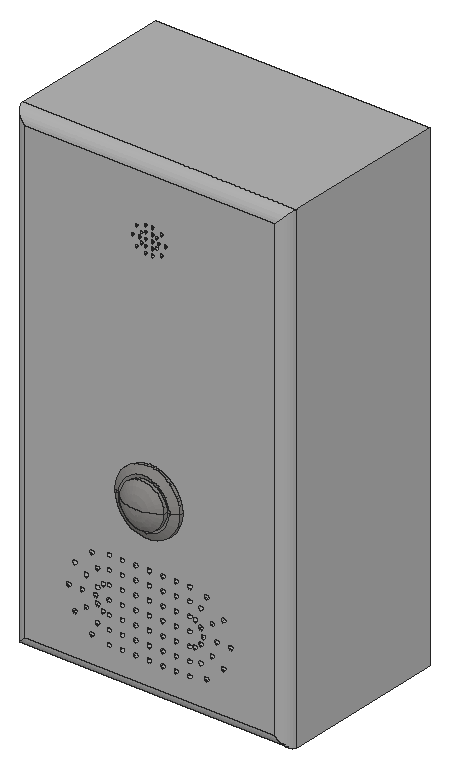
Revit family "STS-747 Аудиодомофонная панель_RV17_LOD400", category Электрооборудование, Revit 2017
Family settings
  Конфигурация панели = Два столбца, слева направо
  Размер круглого соединителя = Использовать диаметр
  Тип детали = Щит
  На основе рабочей плоскости = Нет
  Всегда вертикально = Да
  При загрузке вырезать с полостями = Нет
  Общий = Нет
  Точка расчета площади = Нет
Parameters (values of type "STS-747")
  Смещение_УГО_Y [instance] = 0 mm
  Смещение_УГО_X [instance] = 0 mm
  Режим работы = "непрерывный"
  Раздел Специикации [instance] = ""
  РАздел Проекта [instance] = ""
  Напряжение = "12"
  Мощность = "3"
  Максимальный потребляемый ток, А = 0.4 A
  Интерфейс связи = "10BaseT/100BaseT X Ethernet"
  Диапазон рабочих температур, ºС = "от -40 до +50"
  Видимость_УГО [instance] = yes
  В_Смещение_УГО_Y [instance] = Смещение_УГО_Y + 2000 mm  # 2000 mm
  В_Смещение_УГО_X [instance] = Смещение_УГО_X + 2000 mm  # 2000 mm
  d_короба [instance] = 20 mm
  ADSK_Размер_Ширина = 92 mm
  ADSK_Размер_Глубина = 60 mm
  ADSK_Размер_Высота = 162 mm
  ADSK_Примечание = ""
  ADSK_Наименование = "STS-747 Аудиодомофонная панель"
  ADSK_Масса = 1.4
  ADSK_Марка = "СТВФ.431295.016"
  ADSK_Количество = 1
  ADSK_Завод-изготовитель = "ООО «Основа Безопасности»"  # constant formula
  ADSK_Единица измерения = "шт."  # constant formula
  ADSK_URL страницы изделия = "https://stilsoft.ru/products/sts-747"
  ADSK_URL документации изделия = ""
Reference planes
  plane 1 "По центру (Вперед/Назад)": y = 0
  plane 2: z = 0
  plane 3 "По центру (Влево/Вправо)": x = 0
  plane 4 "1": y = -60
  plane 5: x = 46
  plane 6 "3": x = -46
  plane 7 "2": z = 162
  plane 8: y = 2000
  plane 9: x = -2000
  plane 10: x = 0
  plane 11: y = 0
Forms (mm)
  Extrusion 1, solid, material "корпус", detail levels medium+fine
    sketch origin (0, 0, 0) x (1, 0, 0) y (0, 0, 1)
      loop
        line (-46, 162) -> (-46, 0) -> (46, 0) -> (46, 162) -> (-46, 162)
    from 0 to 60
  Sweep 2, void, detail levels medium+fine
    path origin (0, 0, 162) x (-1, 0, 0) y (0, -1, 0)
      loop
        line (46, 60) -> (-46, 60)
    profile origin (0, -60, 162) x (0, 1, 0) y (0, 0, 1)
      loop
        line (0, 1) -> (-1, 1) -> (-1, -4) -> (0, -4)
        arc (0, -4) -> (1.684, -0.98) -> (5, 0) r 4.577
        line (5, 0) -> (5, 1) -> (0, 1)
  Sweep 3, void, detail levels medium+fine
    path origin (0, 0, 0) x (0, 1, 0) y (-1, 0, 0)
      loop
        line (-60, 46) -> (-60, -46)
    profile origin (0, -60, 0) x (0, 1, 0) y (0, 0, 1)
      loop
        line (0, -1) -> (5, -1) -> (5, 0)
        arc (5, 0) -> (1.684, 0.98) -> (0, 4) r 4.577
        line (0, 4) -> (-1, 4) -> (-1, -1) -> (0, -1)
  Sweep 4, void, detail levels medium+fine
    path origin (0, -60, 0) x (1, 0, 0) y (0, 0, 1)
      loop
        line (-46, 162) -> (-46, 0)
    profile origin (-46, -60, 81) x (0, -1, 0) y (1, 0, 0)
      loop
        line (0, -1) -> (1, -1) -> (1, 4) -> (0, 4)
        arc (0, 4) -> (-1.685, 0.981) -> (-5, 0) r 4.581
        line (-5, 0) -> (-5, -1) -> (0, -1)
  Sweep 5, void, detail levels medium+fine
    path origin (0, -60, 0) x (-1, 0, 0) y (0, 0, 1)
      loop
        line (-46, 162) -> (-46, 0)
    profile origin (46, -60, 81) x (0, -1, 0) y (1, 0, 0)
      loop
        line (0, 1) -> (-5, 1) -> (-5, 0)
        arc (-5, 0) -> (-1.685, -0.981) -> (0, -4) r 4.581
        line (0, -4) -> (1, -4) -> (1, 1) -> (0, 1)
  Revolve 6, solid, material "кнопка", detail levels medium+fine
    sketch origin (0, 0, 60) x (1, 0, 0) y (0, 1, 0)
      loop
        line (0, -60) -> (-11, -60) -> (-11, -61) -> (-8.5, -62.444) -> (-7.5, -62.249) -> (-7.5, -63.381)
        arc (-7.5, -63.381) -> (-4.009, -65.424) -> (0, -65.967) r 10.309
        line (0, -65.967) -> (0, -60)
      axis (0, -60) -> (0, -65.967)
    angle from 0 to 360
  Extrusion 7, void, detail levels fine
    sketch origin (0, -60, 162) x (1, 0, 0) y (0, 0, 1)
      loop
        circle (0, -150.134) r 0.786
    from 0 to -5
  Extrusion 8, void, detail levels fine
    sketch origin (0, -60, 166.512) x (1, 0, 0) y (0, 0, 1)
      loop
        circle (0, -150.134) r 0.786
    from 0 to -5
  Extrusion 9, void, detail levels fine
    sketch origin (0, -60, 171.024) x (1, 0, 0) y (0, 0, 1)
      loop
        circle (0, -150.134) r 0.786
    from 0 to -5
  Extrusion 10, void, detail levels fine
    sketch origin (0, -60, 175.536) x (1, 0, 0) y (0, 0, 1)
      loop
        circle (0, -150.134) r 0.786
    from 0 to -5
  Extrusion 11, void, detail levels fine
    sketch origin (0, -60, 180.048) x (1, 0, 0) y (0, 0, 1)
      loop
        circle (0, -150.134) r 0.786
    from 0 to -5
  Extrusion 12, void, detail levels fine
    sketch origin (0, -60, 184.56) x (1, 0, 0) y (0, 0, 1)
      loop
        circle (0, -150.134) r 0.786
    from 0 to -5
  Extrusion 13, void, detail levels fine
    sketch origin (0, -60, 189.073) x (1, 0, 0) y (0, 0, 1)
      loop
        circle (0, -150.134) r 0.786
    from 0 to -5
  Extrusion 14, void, detail levels fine
    sketch origin (4.541, -60, 175.536) x (1, 0, 0) y (0, 0, 1)
      loop
        circle (0, -150.134) r 0.786
    from 0 to -5
  Extrusion 15, void, detail levels fine
    sketch origin (9.082, -60, 175.536) x (1, 0, 0) y (0, 0, 1)
      loop
        circle (0, -150.134) r 0.786
    from 0 to -5
  Extrusion 16, void, detail levels fine
    sketch origin (13.623, -60, 175.536) x (1, 0, 0) y (0, 0, 1)
      loop
        circle (0, -150.134) r 0.786
    from 0 to -5
  Extrusion 17, void, detail levels fine
    sketch origin (18.164, -60, 175.536) x (1, 0, 0) y (0, 0, 1)
      loop
        circle (0, -150.134) r 0.786
    from 0 to -5
  Extrusion 18, void, detail levels fine
    sketch origin (22.705, -60, 175.536) x (1, 0, 0) y (0, 0, 1)
      loop
        circle (0, -150.134) r 0.786
    from 0 to -5
  Extrusion 19, void, detail levels fine
    sketch origin (27.31, -60, 175.536) x (1, 0, 0) y (0, 0, 1)
      loop
        circle (0, -150.134) r 0.786
    from 0 to -5
  Extrusion 20, void, detail levels fine
    sketch origin (-4.513, -60, 175.536) x (1, 0, 0) y (0, 0, 1)
      loop
        circle (0, -150.134) r 0.786
    from 0 to -5
  Extrusion 21, void, detail levels fine
    sketch origin (-9.025, -60, 175.536) x (1, 0, 0) y (0, 0, 1)
      loop
        circle (0, -150.134) r 0.786
    from 0 to -5
  Extrusion 22, void, detail levels fine
    sketch origin (-13.538, -60, 175.536) x (1, 0, 0) y (0, 0, 1)
      loop
        circle (0, -150.134) r 0.786
    from 0 to -5
  Extrusion 23, void, detail levels fine
    sketch origin (-18.05, -60, 175.536) x (1, 0, 0) y (0, 0, 1)
      loop
        circle (0, -150.134) r 0.786
    from 0 to -5
  Extrusion 24, void, detail levels fine
    sketch origin (-22.563, -60, 175.536) x (1, 0, 0) y (0, 0, 1)
      loop
        circle (0, -150.134) r 0.786
    from 0 to -5
  Extrusion 25, void, detail levels fine
    sketch origin (-27.075, -60, 175.536) x (1, 0, 0) y (0, 0, 1)
      loop
        circle (0, -150.134) r 0.786
    from 0 to -5
  Extrusion 26, void, detail levels fine
    sketch origin (-4.522, -60, 162) x (1, 0, 0) y (0, 0, 1)
      loop
        circle (0, -150.134) r 0.786
    from 0 to -5
  Extrusion 27, void, detail levels fine
    sketch origin (-4.522, -60, 166.512) x (1, 0, 0) y (0, 0, 1)
      loop
        circle (0, -150.134) r 0.786
    from 0 to -5
  Extrusion 28, void, detail levels fine
    sketch origin (-4.522, -60, 171.024) x (1, 0, 0) y (0, 0, 1)
      loop
        circle (0, -150.134) r 0.786
    from 0 to -5
  Extrusion 29, void, detail levels fine
    sketch origin (-4.522, -60, 180.048) x (1, 0, 0) y (0, 0, 1)
      loop
        circle (0, -150.134) r 0.786
    from 0 to -5
  Extrusion 30, void, detail levels fine
    sketch origin (-4.522, -60, 184.56) x (1, 0, 0) y (0, 0, 1)
      loop
        circle (0, -150.134) r 0.786
    from 0 to -5
  Extrusion 31, void, detail levels fine
    sketch origin (-4.522, -60, 189.073) x (1, 0, 0) y (0, 0, 1)
      loop
        circle (0, -150.134) r 0.786
    from 0 to -5
  Extrusion 32, void, detail levels fine
    sketch origin (-9.035, -60, 162) x (1, 0, 0) y (0, 0, 1)
      loop
        circle (0, -150.134) r 0.786
    from 0 to -5
  Extrusion 33, void, detail levels fine
    sketch origin (-9.035, -60, 166.512) x (1, 0, 0) y (0, 0, 1)
      loop
        circle (0, -150.134) r 0.786
    from 0 to -5
  Extrusion 34, void, detail levels fine
    sketch origin (-9.035, -60, 171.024) x (1, 0, 0) y (0, 0, 1)
      loop
        circle (0, -150.134) r 0.786
    from 0 to -5
  Extrusion 35, void, detail levels fine
    sketch origin (-9.035, -60, 180.048) x (1, 0, 0) y (0, 0, 1)
      loop
        circle (0, -150.134) r 0.786
    from 0 to -5
  Extrusion 36, void, detail levels fine
    sketch origin (-9.035, -60, 184.56) x (1, 0, 0) y (0, 0, 1)
      loop
        circle (0, -150.134) r 0.786
    from 0 to -5
  Extrusion 37, void, detail levels fine
    sketch origin (-9.035, -60, 189.073) x (1, 0, 0) y (0, 0, 1)
      loop
        circle (0, -150.134) r 0.786
    from 0 to -5
  Extrusion 38, void, detail levels fine
    sketch origin (-13.504, -60, 162) x (1, 0, 0) y (0, 0, 1)
      loop
        circle (0, -150.134) r 0.786
    from 0 to -5
  Extrusion 39, void, detail levels fine
    sketch origin (-13.504, -60, 166.512) x (1, 0, 0) y (0, 0, 1)
      loop
        circle (0, -150.134) r 0.786
    from 0 to -5
  Extrusion 40, void, detail levels fine
    sketch origin (-13.504, -60, 171.024) x (1, 0, 0) y (0, 0, 1)
      loop
        circle (0, -150.134) r 0.786
    from 0 to -5
  Extrusion 41, void, detail levels fine
    sketch origin (-13.504, -60, 180.048) x (1, 0, 0) y (0, 0, 1)
      loop
        circle (0, -150.134) r 0.786
    from 0 to -5
  Extrusion 42, void, detail levels fine
    sketch origin (-13.504, -60, 184.56) x (1, 0, 0) y (0, 0, 1)
      loop
        circle (0, -150.134) r 0.786
    from 0 to -5
  Extrusion 43, void, detail levels fine
    sketch origin (-13.504, -60, 189.073) x (1, 0, 0) y (0, 0, 1)
      loop
        circle (0, -150.134) r 0.786
    from 0 to -5
  Extrusion 44, void, detail levels fine
    sketch origin (4.576, -60, 162) x (1, 0, 0) y (0, 0, 1)
      loop
        circle (0, -150.134) r 0.786
    from 0 to -5
  Extrusion 45, void, detail levels fine
    sketch origin (4.576, -60, 166.512) x (1, 0, 0) y (0, 0, 1)
      loop
        circle (0, -150.134) r 0.786
    from 0 to -5
  Extrusion 46, void, detail levels fine
    sketch origin (4.576, -60, 171.024) x (1, 0, 0) y (0, 0, 1)
      loop
        circle (0, -150.134) r 0.786
    from 0 to -5
  Extrusion 47, void, detail levels fine
    sketch origin (4.576, -60, 180.048) x (1, 0, 0) y (0, 0, 1)
      loop
        circle (0, -150.134) r 0.786
    from 0 to -5
  Extrusion 48, void, detail levels fine
    sketch origin (4.576, -60, 184.56) x (1, 0, 0) y (0, 0, 1)
      loop
        circle (0, -150.134) r 0.786
    from 0 to -5
  Extrusion 49, void, detail levels fine
    sketch origin (4.576, -60, 189.073) x (1, 0, 0) y (0, 0, 1)
      loop
        circle (0, -150.134) r 0.786
    from 0 to -5
  Extrusion 50, void, detail levels fine
    sketch origin (9.088, -60, 162) x (1, 0, 0) y (0, 0, 1)
      loop
        circle (0, -150.134) r 0.786
    from 0 to -5
  Extrusion 51, void, detail levels fine
    sketch origin (9.088, -60, 166.512) x (1, 0, 0) y (0, 0, 1)
      loop
        circle (0, -150.134) r 0.786
    from 0 to -5
  Extrusion 52, void, detail levels fine
    sketch origin (9.088, -60, 171.024) x (1, 0, 0) y (0, 0, 1)
      loop
        circle (0, -150.134) r 0.786
    from 0 to -5
  Extrusion 53, void, detail levels fine
    sketch origin (9.088, -60, 180.048) x (1, 0, 0) y (0, 0, 1)
      loop
        circle (0, -150.134) r 0.786
    from 0 to -5
  Extrusion 54, void, detail levels fine
    sketch origin (9.088, -60, 184.56) x (1, 0, 0) y (0, 0, 1)
      loop
        circle (0, -150.134) r 0.786
    from 0 to -5
  Extrusion 55, void, detail levels fine
    sketch origin (9.088, -60, 189.073) x (1, 0, 0) y (0, 0, 1)
      loop
        circle (0, -150.134) r 0.786
    from 0 to -5
  Extrusion 56, void, detail levels fine
    sketch origin (13.62, -60, 162) x (1, 0, 0) y (0, 0, 1)
      loop
        circle (0, -150.134) r 0.786
    from 0 to -5
  Extrusion 57, void, detail levels fine
    sketch origin (13.62, -60, 166.512) x (1, 0, 0) y (0, 0, 1)
      loop
        circle (0, -150.134) r 0.786
    from 0 to -5
  Extrusion 58, void, detail levels fine
    sketch origin (13.62, -60, 171.024) x (1, 0, 0) y (0, 0, 1)
      loop
        circle (0, -150.134) r 0.786
    from 0 to -5
  Extrusion 59, void, detail levels fine
    sketch origin (13.62, -60, 180.048) x (1, 0, 0) y (0, 0, 1)
      loop
        circle (0, -150.134) r 0.786
    from 0 to -5
  Extrusion 60, void, detail levels fine
    sketch origin (13.62, -60, 184.56) x (1, 0, 0) y (0, 0, 1)
      loop
        circle (0, -150.134) r 0.786
    from 0 to -5
  Extrusion 61, void, detail levels fine
    sketch origin (13.62, -60, 189.073) x (1, 0, 0) y (0, 0, 1)
      loop
        circle (0, -150.134) r 0.786
    from 0 to -5
  Extrusion 62, void, detail levels fine
    sketch origin (120.602, -60, 93.01) x (0.422618, 0, -0.906308) y (0.906308, 0, 0.422618)
      loop
        circle (0, -150.134) r 0.786
    from 0 to -5
  Extrusion 63, void, detail levels fine
    sketch origin (118.695, -60, 97.1) x (0.422618, 0, -0.906308) y (0.906308, 0, 0.422618)
      loop
        circle (0, -150.134) r 0.786
    from 0 to -5
  Extrusion 64, void, detail levels fine
    sketch origin (116.788, -60, 101.19) x (0.422618, 0, -0.906308) y (0.906308, 0, 0.422618)
      loop
        circle (0, -150.134) r 0.786
    from 0 to -5
  Extrusion 65, void, detail levels fine
    sketch origin (63.303, -60, 154.48) x (0.843391, 0, -0.5373) y (0.5373, 0, 0.843391)
      loop
        circle (0, -150.134) r 0.786
    from 0 to -5
  Extrusion 66, void, detail levels fine
    sketch origin (59.497, -60, 156.905) x (0.843391, 0, -0.5373) y (0.5373, 0, 0.843391)
      loop
        circle (0, -150.134) r 0.786
    from 0 to -5
  Extrusion 67, void, detail levels fine
    sketch origin (55.691, -60, 159.329) x (0.843391, 0, -0.5373) y (0.5373, 0, 0.843391)
      loop
        circle (0, -150.134) r 0.786
    from 0 to -5
  Extrusion 68, void, detail levels fine
    sketch origin (120.602, -60, -42.206) x (0.422618, 0, 0.906308) y (-0.906308, 0, 0.422618)
      loop
        circle (0, 150.134) r 0.786
    from 0 to -5
  Extrusion 69, void, detail levels fine
    sketch origin (118.695, -60, -46.296) x (0.422618, 0, 0.906308) y (-0.906308, 0, 0.422618)
      loop
        circle (0, 150.134) r 0.786
    from 0 to -5
  Extrusion 70, void, detail levels fine
    sketch origin (116.788, -60, -50.386) x (0.422618, 0, 0.906308) y (-0.906308, 0, 0.422618)
      loop
        circle (0, 150.134) r 0.786
    from 0 to -5
  Extrusion 71, void, detail levels fine
    sketch origin (63.303, -60, -103.676) x (0.843391, 0, 0.5373) y (-0.5373, 0, 0.843391)
      loop
        circle (0, 150.134) r 0.786
    from 0 to -5
  Extrusion 72, void, detail levels fine
    sketch origin (59.497, -60, -106.1) x (0.843391, 0, 0.5373) y (-0.5373, 0, 0.843391)
      loop
        circle (0, 150.134) r 0.786
    from 0 to -5
  Extrusion 73, void, detail levels fine
    sketch origin (55.691, -60, -108.525) x (0.843391, 0, 0.5373) y (-0.5373, 0, 0.843391)
      loop
        circle (0, 150.134) r 0.786
    from 0 to -5
  Extrusion 74, void, detail levels fine
    sketch origin (-120.602, -60, 93.01) x (-0.422618, 0, -0.906308) y (0.906308, 0, -0.422618)
      loop
        circle (0, 150.134) r 0.786
    from 0 to -5
  Extrusion 75, void, detail levels fine
    sketch origin (-118.695, -60, 97.1) x (-0.422618, 0, -0.906308) y (0.906308, 0, -0.422618)
      loop
        circle (0, 150.134) r 0.786
    from 0 to -5
  Extrusion 76, void, detail levels fine
    sketch origin (-116.788, -60, 101.19) x (-0.422618, 0, -0.906308) y (0.906308, 0, -0.422618)
      loop
        circle (0, 150.134) r 0.786
    from 0 to -5
  Extrusion 77, void, detail levels fine
    sketch origin (-63.303, -60, 154.48) x (-0.843391, 0, -0.5373) y (0.5373, 0, -0.843391)
      loop
        circle (0, 150.134) r 0.786
    from 0 to -5
  Extrusion 78, void, detail levels fine
    sketch origin (-59.497, -60, 156.905) x (-0.843391, 0, -0.5373) y (0.5373, 0, -0.843391)
      loop
        circle (0, 150.134) r 0.786
    from 0 to -5
  Extrusion 79, void, detail levels fine
    sketch origin (-55.691, -60, 159.329) x (-0.843391, 0, -0.5373) y (0.5373, 0, -0.843391)
      loop
        circle (0, 150.134) r 0.786
    from 0 to -5
  Extrusion 80, void, detail levels fine
    sketch origin (-120.602, -60, -42.206) x (-0.422618, 0, 0.906308) y (-0.906308, 0, -0.422618)
      loop
        circle (0, -150.134) r 0.786
    from 0 to -5
  Extrusion 81, void, detail levels fine
    sketch origin (-118.695, -60, -46.296) x (-0.422618, 0, 0.906308) y (-0.906308, 0, -0.422618)
      loop
        circle (0, -150.134) r 0.786
    from 0 to -5
  Extrusion 82, void, detail levels fine
    sketch origin (-116.788, -60, -50.386) x (-0.422618, 0, 0.906308) y (-0.906308, 0, -0.422618)
      loop
        circle (0, -150.134) r 0.786
    from 0 to -5
  Extrusion 83, void, detail levels fine
    sketch origin (-63.303, -60, -103.676) x (-0.843391, 0, 0.5373) y (-0.5373, 0, -0.843391)
      loop
        circle (0, -150.134) r 0.786
    from 0 to -5
  Extrusion 84, void, detail levels fine
    sketch origin (-59.497, -60, -106.1) x (-0.843391, 0, 0.5373) y (-0.5373, 0, -0.843391)
      loop
        circle (0, -150.134) r 0.786
    from 0 to -5
  Extrusion 85, void, detail levels fine
    sketch origin (-55.691, -60, -108.525) x (-0.843391, 0, 0.5373) y (-0.5373, 0, -0.843391)
      loop
        circle (0, -150.134) r 0.786
    from 0 to -5
  Extrusion 86, void, detail levels fine
    sketch origin (1.091, -60, 288.419) x (1, 0, 0) y (0, 0, 1)
      loop
        circle (0, -150.134) r 0.545
    from 0 to -5
  Extrusion 87, void, detail levels fine
    sketch origin (-1.091, -60, 288.419) x (1, 0, 0) y (0, 0, 1)
      loop
        circle (0, -150.134) r 0.545
    from 0 to -5
  Extrusion 88, void, detail levels fine
    sketch origin (1.091, -60, 286.285) x (1, 0, 0) y (0, 0, 1)
      loop
        circle (0, -150.134) r 0.545
    from 0 to -5
  Extrusion 89, void, detail levels fine
    sketch origin (-1.091, -60, 286.285) x (1, 0, 0) y (0, 0, 1)
      loop
        circle (0, -150.134) r 0.545
    from 0 to -5
  Extrusion 90, void, detail levels fine
    sketch origin (1.091, -60, 284.151) x (1, 0, 0) y (0, 0, 1)
      loop
        circle (0, -150.134) r 0.545
    from 0 to -5
  Extrusion 91, void, detail levels fine
    sketch origin (-1.091, -60, 284.151) x (1, 0, 0) y (0, 0, 1)
      loop
        circle (0, -150.134) r 0.545
    from 0 to -5
  Extrusion 92, void, detail levels fine
    sketch origin (1.091, -60, 292.687) x (1, 0, 0) y (0, 0, 1)
      loop
        circle (0, -150.134) r 0.545
    from 0 to -5
  Extrusion 93, void, detail levels fine
    sketch origin (-1.091, -60, 292.687) x (1, 0, 0) y (0, 0, 1)
      loop
        circle (0, -150.134) r 0.545
    from 0 to -5
  Extrusion 94, void, detail levels fine
    sketch origin (1.091, -60, 290.553) x (1, 0, 0) y (0, 0, 1)
      loop
        circle (0, -150.134) r 0.545
    from 0 to -5
  Extrusion 95, void, detail levels fine
    sketch origin (-1.091, -60, 290.553) x (1, 0, 0) y (0, 0, 1)
      loop
        circle (0, -150.134) r 0.545
    from 0 to -5
  Extrusion 96, void, detail levels fine
    sketch origin (-3.272, -60, 288.419) x (1, 0, 0) y (0, 0, 1)
      loop
        circle (0, -150.134) r 0.545
    from 0 to -5
  Extrusion 97, void, detail levels fine
    sketch origin (-5.453, -60, 288.419) x (1, 0, 0) y (0, 0, 1)
      loop
        circle (0, -150.134) r 0.545
    from 0 to -5
  Extrusion 98, void, detail levels fine
    sketch origin (5.453, -60, 288.419) x (1, 0, 0) y (0, 0, 1)
      loop
        circle (0, -150.134) r 0.545
    from 0 to -5
  Extrusion 99, void, detail levels fine
    sketch origin (3.272, -60, 288.419) x (1, 0, 0) y (0, 0, 1)
      loop
        circle (0, -150.134) r 0.545
    from 0 to -5
  Extrusion 100, void, detail levels fine
    sketch origin (103.551, -60, 245.998) x (0.707107, 0, -0.707107) y (0.707107, 0, 0.707107)
      loop
        circle (0, -150.134) r 0.545
    from 0 to -5
  Extrusion 101, void, detail levels fine
    sketch origin (102.008, -60, 247.54) x (0.707107, 0, -0.707107) y (0.707107, 0, 0.707107)
      loop
        circle (0, -150.134) r 0.545
    from 0 to -5
  Extrusion 102, void, detail levels fine
    sketch origin (103.551, -60, 30.526) x (0.707107, 0, 0.707107) y (-0.707107, 0, 0.707107)
      loop
        circle (0, 150.134) r 0.545
    from 0 to -5
  Extrusion 103, void, detail levels fine
    sketch origin (102.008, -60, 28.983) x (0.707107, 0, 0.707107) y (-0.707107, 0, 0.707107)
      loop
        circle (0, 150.134) r 0.545
    from 0 to -5
  Extrusion 104, void, detail levels fine
    sketch origin (-103.551, -60, 245.998) x (-0.707107, 0, -0.707107) y (0.707107, 0, -0.707107)
      loop
        circle (0, 150.134) r 0.545
    from 0 to -5
  Extrusion 105, void, detail levels fine
    sketch origin (-102.008, -60, 247.54) x (-0.707107, 0, -0.707107) y (0.707107, 0, -0.707107)
      loop
        circle (0, 150.134) r 0.545
    from 0 to -5
  Extrusion 106, void, detail levels fine
    sketch origin (-103.551, -60, 30.526) x (-0.707107, 0, 0.707107) y (-0.707107, 0, -0.707107)
      loop
        circle (0, -150.134) r 0.545
    from 0 to -5
  Extrusion 107, void, detail levels fine
    sketch origin (-102.008, -60, 28.983) x (-0.707107, 0, 0.707107) y (-0.707107, 0, -0.707107)
      loop
        circle (0, -150.134) r 0.545
    from 0 to -5
Cuts and joins
  Sweep 2, Sweep 3, Sweep 4, Sweep 5, Extrusion 7, Extrusion 8, Extrusion 9, Extrusion 10, Extrusion 11, Extrusion 12, Extrusion 13, Extrusion 14, Extrusion 15, Extrusion 16, Extrusion 17, Extrusion 18, Extrusion 19, Extrusion 20, Extrusion 21, Extrusion 22, Extrusion 23, Extrusion 24, Extrusion 25, Extrusion 26, Extrusion 27, Extrusion 28, Extrusion 29, Extrusion 30, Extrusion 31, Extrusion 32, Extrusion 33, Extrusion 34, Extrusion 35, Extrusion 36, Extrusion 37, Extrusion 38, Extrusion 39, Extrusion 40, Extrusion 41, Extrusion 42, Extrusion 43, Extrusion 44, Extrusion 45, Extrusion 46, Extrusion 47, Extrusion 48, Extrusion 49, Extrusion 50, Extrusion 51, Extrusion 52, Extrusion 53, Extrusion 54, Extrusion 55, Extrusion 56, Extrusion 57, Extrusion 58, Extrusion 59, Extrusion 60, Extrusion 61, Extrusion 62, Extrusion 63, Extrusion 64, Extrusion 65, Extrusion 66, Extrusion 67, Extrusion 68, Extrusion 69, Extrusion 70, Extrusion 71, Extrusion 72, Extrusion 73, Extrusion 74, Extrusion 75, Extrusion 76, Extrusion 77, Extrusion 78, Extrusion 79, Extrusion 80, Extrusion 81, Extrusion 82, Extrusion 83, Extrusion 84, Extrusion 85, Extrusion 86, Extrusion 87, Extrusion 88, Extrusion 89, Extrusion 90, Extrusion 91, Extrusion 92, Extrusion 93, Extrusion 94, Extrusion 95, Extrusion 96, Extrusion 97, Extrusion 98, Extrusion 99, Extrusion 100, Extrusion 101, Extrusion 102, Extrusion 103, Extrusion 104, Extrusion 105, Extrusion 106, Extrusion 107 cuts Extrusion 1
Dimensions and locks
  "ADSK_Размер_Ширина": plane 6 "3" to plane 5
  "ADSK_Размер_Глубина": plane 4 "1" to plane 1 "По центру (Вперед/Назад)"
  "ADSK_Размер_Высота": plane 7 "2" to level
  locked: plane 8 to plane 1 "По центру (Вперед/Назад)" at 2000
  locked: plane 9 to plane 3 "По центру (Влево/Вправо)" at 2000
  "В_Смещение_УГО_X": plane 9 to plane 10
  "В_Смещение_УГО_Y": plane 8 to plane 11
  aligned and locked: level to plane 2
  aligned and locked: nested 1 to plane 11
  aligned and locked: plane 10 to nested 1
Automatic sketch dimensions
  Extrusion 1 sketch curve to level = 0 mm
  plane 6 "3" to Extrusion 1 sketch curve = 0 mm
  Extrusion 1 sketch curve to plane 5 = 0 mm
  Extrusion 1 sketch curve to plane 7 "2" = 0 mm
  plane 4 "1" to Sweep 2 sketch curve = 0 mm
  Sweep 2 sketch curve to plane 5 = 0 mm
  Sweep 2 sketch curve to plane 6 "3" = 0 mm
  Sweep 2 sketch curve to profile plane = 0 mm  (x2)
  Sweep 2 sketch curve to plane 7 "2" = 0 mm
  profile plane to Sweep 2 sketch curve = 1 mm
  Sweep 2 sketch curve to profile plane = 4.544 mm
  plane 7 "2" to Sweep 2 sketch curve = 1 mm
  Sweep 2 sketch curve to profile plane = 5 mm
  Sweep 2 sketch curve to plane 7 "2" = 4 mm
  plane 4 "1" to Sweep 3 sketch curve = 0 mm
  Sweep 3 sketch curve to plane 5 = 0 mm
  Sweep 3 sketch curve to plane 6 "3" = 0 mm
  Sweep 3 sketch curve to profile plane = 0 mm  (x3)
  profile plane to Sweep 3 sketch curve = 1 mm
  Sweep 3 sketch curve to profile plane = 4.544 mm
  Sweep 3 sketch curve to profile plane = 1 mm
  Sweep 3 sketch curve to profile plane = 5 mm
  profile plane to Sweep 3 sketch curve = 4 mm
  Sweep 4 sketch curve to level = 0 mm
  plane 6 "3" to Sweep 4 sketch curve = 0 mm
  Sweep 4 sketch curve to plane 7 "2" = 0 mm
  Sweep 4 sketch curve to profile plane = 0 mm
  plane 4 "1" to Sweep 4 sketch curve = 0 mm  (x2)
  Sweep 4 sketch curve to plane 4 "1" = 4.546 mm
  Sweep 4 sketch curve to Sweep 4 sketch curve = 0.454 mm
  plane 4 "1" to Sweep 4 sketch curve = 1 mm
  profile plane to Sweep 4 sketch curve = 1 mm
  Sweep 4 sketch curve to profile plane = 4 mm
  Sweep 5 sketch curve to level = 0 mm
  Sweep 5 sketch curve to plane 5 = 0 mm
  Sweep 5 sketch curve to plane 7 "2" = 0 mm
  Sweep 5 sketch curve to profile plane = 0 mm
  plane 4 "1" to Sweep 5 sketch curve = 0 mm  (x2)
  Sweep 5 sketch curve to plane 4 "1" = 4.546 mm
  Sweep 5 sketch curve to Sweep 5 sketch curve = 0.454 mm
  Sweep 5 sketch curve to Sweep 5 sketch curve = 1 mm
  profile plane to Sweep 5 sketch curve = 4 mm
  Sweep 5 sketch curve to profile plane = 1 mm
  plane 4 "1" to Revolve 6 sketch curve = 0 mm  (x2)
  Revolve 6 sketch curve to plane 3 "По центру (Влево/Вправо)" = 0 mm  (x2)
  Revolve 6 sketch curve to plane 3 "По центру (Влево/Вправо)" = 0.648 mm
  plane 4 "1" to Revolve 6 sketch curve = 2.249 mm
  Revolve 6 sketch curve to plane 3 "По центру (Влево/Вправо)" = 7.5 mm
  plane 4 "1" to Revolve 6 sketch curve = 2.444 mm
  Revolve 6 sketch curve to Revolve 6 sketch curve = 1 mm
  Revolve 6 sketch curve to Revolve 6 sketch curve = 2.5 mm
  Revolve 6 sketch curve to Revolve 6 sketch curve = 1.131 mm
  Revolve 6 sketch curve to Revolve 6 sketch curve = 5.967 mm
  plane 4 "1" to Revolve 6 sketch curve = 1 mm
  Revolve 6 sketch curve to Revolve 6 sketch curve = 4.033 mm
  Extrusion 7 sketch curve to plane 3 "По центру (Влево/Вправо)" = 0 mm
  Extrusion 7 sketch curve to level = 11.866 mm
  Extrusion 8 sketch curve to plane 3 "По центру (Влево/Вправо)" = 0 mm
  Extrusion 8 sketch curve to level = 16.378 mm
  Extrusion 9 sketch curve to plane 3 "По центру (Влево/Вправо)" = 0 mm
  Extrusion 9 sketch curve to level = 20.89 mm
  Extrusion 10 sketch curve to plane 3 "По центру (Влево/Вправо)" = 0 mm
  Extrusion 10 sketch curve to level = 25.402 mm
  Extrusion 11 sketch curve to plane 3 "По центру (Влево/Вправо)" = 0 mm
  Extrusion 11 sketch curve to level = 29.914 mm
  Extrusion 12 sketch curve to plane 3 "По центру (Влево/Вправо)" = 0 mm
  Extrusion 12 sketch curve to level = 34.426 mm
  Extrusion 13 sketch curve to plane 3 "По центру (Влево/Вправо)" = 0 mm
  Extrusion 13 sketch curve to level = 38.938 mm
  Extrusion 14 sketch curve to plane 3 "По центру (Влево/Вправо)" = 4.541 mm
  Extrusion 14 sketch curve to level = 25.402 mm
  Extrusion 15 sketch curve to plane 3 "По центру (Влево/Вправо)" = 9.082 mm
  Extrusion 15 sketch curve to level = 25.402 mm
  Extrusion 16 sketch curve to plane 3 "По центру (Влево/Вправо)" = 13.623 mm
  Extrusion 16 sketch curve to level = 25.402 mm
  Extrusion 17 sketch curve to plane 3 "По центру (Влево/Вправо)" = 18.164 mm
  Extrusion 17 sketch curve to level = 25.402 mm
  Extrusion 18 sketch curve to plane 3 "По центру (Влево/Вправо)" = 22.705 mm
  Extrusion 18 sketch curve to level = 25.402 mm
  plane 5 to Extrusion 19 sketch curve = 18.69 mm
  Extrusion 19 sketch curve to level = 25.402 mm
  plane 3 "По центру (Влево/Вправо)" to Extrusion 20 sketch curve = 4.513 mm
  Extrusion 20 sketch curve to level = 25.402 mm
  plane 3 "По центру (Влево/Вправо)" to Extrusion 21 sketch curve = 9.025 mm
  Extrusion 21 sketch curve to level = 25.402 mm
  plane 3 "По центру (Влево/Вправо)" to Extrusion 22 sketch curve = 13.538 mm
  Extrusion 22 sketch curve to level = 25.402 mm
  plane 3 "По центру (Влево/Вправо)" to Extrusion 23 sketch curve = 18.05 mm
  Extrusion 23 sketch curve to level = 25.402 mm
  plane 3 "По центру (Влево/Вправо)" to Extrusion 24 sketch curve = 22.563 mm
  Extrusion 24 sketch curve to level = 25.402 mm
  plane 6 "3" to Extrusion 25 sketch curve = 18.925 mm
  Extrusion 25 sketch curve to level = 25.402 mm
  plane 3 "По центру (Влево/Вправо)" to Extrusion 26 sketch curve = 4.522 mm
  Extrusion 26 sketch curve to level = 11.866 mm
  plane 3 "По центру (Влево/Вправо)" to Extrusion 27 sketch curve = 4.522 mm
  Extrusion 27 sketch curve to level = 16.378 mm
  plane 3 "По центру (Влево/Вправо)" to Extrusion 28 sketch curve = 4.522 mm
  Extrusion 28 sketch curve to level = 20.89 mm
  plane 3 "По центру (Влево/Вправо)" to Extrusion 29 sketch curve = 4.522 mm
  Extrusion 29 sketch curve to level = 29.914 mm
  plane 3 "По центру (Влево/Вправо)" to Extrusion 30 sketch curve = 4.522 mm
  Extrusion 30 sketch curve to level = 34.426 mm
  plane 3 "По центру (Влево/Вправо)" to Extrusion 31 sketch curve = 4.522 mm
  Extrusion 31 sketch curve to level = 38.938 mm
  plane 3 "По центру (Влево/Вправо)" to Extrusion 32 sketch curve = 9.035 mm
  Extrusion 32 sketch curve to level = 11.866 mm
  plane 3 "По центру (Влево/Вправо)" to Extrusion 33 sketch curve = 9.035 mm
  Extrusion 33 sketch curve to level = 16.378 mm
  plane 3 "По центру (Влево/Вправо)" to Extrusion 34 sketch curve = 9.035 mm
  Extrusion 34 sketch curve to level = 20.89 mm
  plane 3 "По центру (Влево/Вправо)" to Extrusion 35 sketch curve = 9.035 mm
  Extrusion 35 sketch curve to level = 29.914 mm
  plane 3 "По центру (Влево/Вправо)" to Extrusion 36 sketch curve = 9.035 mm
  Extrusion 36 sketch curve to level = 34.426 mm
  plane 3 "По центру (Влево/Вправо)" to Extrusion 37 sketch curve = 9.035 mm
  Extrusion 37 sketch curve to level = 38.938 mm
  plane 3 "По центру (Влево/Вправо)" to Extrusion 38 sketch curve = 13.504 mm
  Extrusion 38 sketch curve to level = 11.866 mm
  plane 3 "По центру (Влево/Вправо)" to Extrusion 39 sketch curve = 13.504 mm
  Extrusion 39 sketch curve to level = 16.378 mm
  plane 3 "По центру (Влево/Вправо)" to Extrusion 40 sketch curve = 13.504 mm
  Extrusion 40 sketch curve to level = 20.89 mm
  plane 3 "По центру (Влево/Вправо)" to Extrusion 41 sketch curve = 13.504 mm
  Extrusion 41 sketch curve to level = 29.914 mm
  plane 3 "По центру (Влево/Вправо)" to Extrusion 42 sketch curve = 13.504 mm
  Extrusion 42 sketch curve to level = 34.426 mm
  plane 3 "По центру (Влево/Вправо)" to Extrusion 43 sketch curve = 13.504 mm
  Extrusion 43 sketch curve to level = 38.938 mm
  Extrusion 44 sketch curve to plane 3 "По центру (Влево/Вправо)" = 4.576 mm
  Extrusion 44 sketch curve to level = 11.866 mm
  Extrusion 45 sketch curve to plane 3 "По центру (Влево/Вправо)" = 4.576 mm
  Extrusion 45 sketch curve to level = 16.378 mm
  Extrusion 46 sketch curve to plane 3 "По центру (Влево/Вправо)" = 4.576 mm
  Extrusion 46 sketch curve to level = 20.89 mm
  Extrusion 47 sketch curve to plane 3 "По центру (Влево/Вправо)" = 4.576 mm
  Extrusion 47 sketch curve to level = 29.914 mm
  Extrusion 48 sketch curve to plane 3 "По центру (Влево/Вправо)" = 4.576 mm
  Extrusion 48 sketch curve to level = 34.426 mm
  Extrusion 49 sketch curve to plane 3 "По центру (Влево/Вправо)" = 4.576 mm
  Extrusion 49 sketch curve to level = 38.938 mm
  Extrusion 50 sketch curve to plane 3 "По центру (Влево/Вправо)" = 9.088 mm
  Extrusion 50 sketch curve to level = 11.866 mm
  Extrusion 51 sketch curve to plane 3 "По центру (Влево/Вправо)" = 9.088 mm
  Extrusion 51 sketch curve to level = 16.378 mm
  Extrusion 52 sketch curve to plane 3 "По центру (Влево/Вправо)" = 9.088 mm
  Extrusion 52 sketch curve to level = 20.89 mm
  Extrusion 53 sketch curve to plane 3 "По центру (Влево/Вправо)" = 9.088 mm
  Extrusion 53 sketch curve to level = 29.914 mm
  Extrusion 54 sketch curve to plane 3 "По центру (Влево/Вправо)" = 9.088 mm
  Extrusion 54 sketch curve to level = 34.426 mm
  Extrusion 55 sketch curve to plane 3 "По центру (Влево/Вправо)" = 9.088 mm
  Extrusion 55 sketch curve to level = 38.938 mm
  Extrusion 56 sketch curve to plane 3 "По центру (Влево/Вправо)" = 13.62 mm
  Extrusion 56 sketch curve to level = 11.866 mm
  Extrusion 57 sketch curve to plane 3 "По центру (Влево/Вправо)" = 13.62 mm
  Extrusion 57 sketch curve to level = 16.378 mm
  Extrusion 58 sketch curve to plane 3 "По центру (Влево/Вправо)" = 13.62 mm
  Extrusion 58 sketch curve to level = 20.89 mm
  Extrusion 59 sketch curve to plane 3 "По центру (Влево/Вправо)" = 13.62 mm
  Extrusion 59 sketch curve to level = 29.914 mm
  Extrusion 60 sketch curve to plane 3 "По центру (Влево/Вправо)" = 13.62 mm
  Extrusion 60 sketch curve to level = 34.426 mm
  Extrusion 61 sketch curve to plane 3 "По центру (Влево/Вправо)" = 13.62 mm
  Extrusion 61 sketch curve to level = 38.938 mm
  plane 3 "По центру (Влево/Вправо)" to Extrusion 62 sketch curve = 15.466 mm
  Extrusion 62 sketch curve to level = 29.561 mm
  plane 3 "По центру (Влево/Вправо)" to Extrusion 63 sketch curve = 17.373 mm
  Extrusion 63 sketch curve to level = 33.651 mm
  plane 3 "По центру (Влево/Вправо)" to Extrusion 64 sketch curve = 19.28 mm
  Extrusion 64 sketch curve to level = 37.74 mm
  plane 3 "По центру (Влево/Вправо)" to Extrusion 65 sketch curve = 17.364 mm
  Extrusion 65 sketch curve to level = 27.858 mm
  plane 3 "По центру (Влево/Вправо)" to Extrusion 66 sketch curve = 21.17 mm
  Extrusion 66 sketch curve to level = 30.283 mm
  plane 6 "3" to Extrusion 67 sketch curve = 21.024 mm
  Extrusion 67 sketch curve to level = 32.707 mm
  Extrusion 68 sketch curve to plane 3 "По центру (Влево/Вправо)" = 15.466 mm
  level to Extrusion 68 sketch curve = 21.243 mm
  level to Extrusion 69 sketch curve = 17.154 mm
  Extrusion 69 sketch curve to plane 3 "По центру (Влево/Вправо)" = 17.373 mm
  level to Extrusion 70 sketch curve = 13.064 mm
  Extrusion 70 sketch curve to plane 3 "По центру (Влево/Вправо)" = 19.28 mm
  Extrusion 71 sketch curve to plane 3 "По центру (Влево/Вправо)" = 17.364 mm
  level to Extrusion 71 sketch curve = 22.946 mm
  level to Extrusion 72 sketch curve = 20.522 mm
  Extrusion 72 sketch curve to plane 3 "По центру (Влево/Вправо)" = 21.17 mm
  level to Extrusion 73 sketch curve = 18.097 mm
  Extrusion 73 sketch curve to plane 6 "3" = 21.024 mm
  plane 3 "По центру (Влево/Вправо)" to Extrusion 74 sketch curve = 15.466 mm
  level to Extrusion 74 sketch curve = 29.561 mm
  plane 3 "По центру (Влево/Вправо)" to Extrusion 75 sketch curve = 17.373 mm
  level to Extrusion 75 sketch curve = 33.651 mm
  plane 3 "По центру (Влево/Вправо)" to Extrusion 76 sketch curve = 19.28 mm
  level to Extrusion 76 sketch curve = 37.74 mm
  plane 3 "По центру (Влево/Вправо)" to Extrusion 77 sketch curve = 17.364 mm
  level to Extrusion 77 sketch curve = 27.858 mm
  plane 3 "По центру (Влево/Вправо)" to Extrusion 78 sketch curve = 21.17 mm
  level to Extrusion 78 sketch curve = 30.283 mm
  Extrusion 79 sketch curve to plane 5 = 21.024 mm
  level to Extrusion 79 sketch curve = 32.707 mm
  Extrusion 80 sketch curve to plane 3 "По центру (Влево/Вправо)" = 15.466 mm
  Extrusion 80 sketch curve to level = 21.243 mm
  Extrusion 81 sketch curve to level = 17.154 mm
  Extrusion 81 sketch curve to plane 3 "По центру (Влево/Вправо)" = 17.373 mm
  Extrusion 82 sketch curve to level = 13.064 mm
  Extrusion 82 sketch curve to plane 3 "По центру (Влево/Вправо)" = 19.28 mm
  Extrusion 83 sketch curve to plane 3 "По центру (Влево/Вправо)" = 17.364 mm
  Extrusion 83 sketch curve to level = 22.946 mm
  Extrusion 84 sketch curve to level = 20.522 mm
  Extrusion 84 sketch curve to plane 3 "По центру (Влево/Вправо)" = 21.17 mm
  Extrusion 85 sketch curve to level = 18.097 mm
  plane 5 to Extrusion 85 sketch curve = 21.024 mm
  Extrusion 86 sketch curve to plane 3 "По центру (Влево/Вправо)" = 1.091 mm
  plane 3 "По центру (Влево/Вправо)" to Extrusion 87 sketch curve = 1.091 mm
  Extrusion 88 sketch curve to plane 3 "По центру (Влево/Вправо)" = 1.091 mm
  plane 3 "По центру (Влево/Вправо)" to Extrusion 89 sketch curve = 1.091 mm
  Extrusion 90 sketch curve to plane 3 "По центру (Влево/Вправо)" = 1.091 mm
  plane 3 "По центру (Влево/Вправо)" to Extrusion 91 sketch curve = 1.091 mm
  Extrusion 92 sketch curve to plane 3 "По центру (Влево/Вправо)" = 1.091 mm
  plane 3 "По центру (Влево/Вправо)" to Extrusion 93 sketch curve = 1.091 mm
  Extrusion 94 sketch curve to plane 3 "По центру (Влево/Вправо)" = 1.091 mm
  plane 3 "По центру (Влево/Вправо)" to Extrusion 95 sketch curve = 1.091 mm
  plane 3 "По центру (Влево/Вправо)" to Extrusion 96 sketch curve = 3.272 mm
  plane 3 "По центру (Влево/Вправо)" to Extrusion 97 sketch curve = 5.453 mm
  Extrusion 98 sketch curve to plane 3 "По центру (Влево/Вправо)" = 5.453 mm
  Extrusion 99 sketch curve to plane 3 "По центру (Влево/Вправо)" = 3.272 mm
  plane 3 "По центру (Влево/Вправо)" to Extrusion 100 sketch curve = 2.61 mm
  plane 3 "По центру (Влево/Вправо)" to Extrusion 101 sketch curve = 4.152 mm
  Extrusion 102 sketch curve to plane 3 "По центру (Влево/Вправо)" = 2.61 mm
  Extrusion 103 sketch curve to plane 3 "По центру (Влево/Вправо)" = 4.152 mm
  plane 3 "По центру (Влево/Вправо)" to Extrusion 104 sketch curve = 2.61 mm
  plane 3 "По центру (Влево/Вправо)" to Extrusion 105 sketch curve = 4.152 mm
  Extrusion 106 sketch curve to plane 3 "По центру (Влево/Вправо)" = 2.61 mm
  Extrusion 107 sketch curve to plane 3 "По центру (Влево/Вправо)" = 4.152 mm
  Extrusion 86 sketch curve to level = 138.285 mm
  Extrusion 87 sketch curve to level = 138.285 mm
  Extrusion 88 sketch curve to level = 136.151 mm
  Extrusion 89 sketch curve to level = 136.151 mm
  Extrusion 90 sketch curve to level = 134.017 mm
  Extrusion 91 sketch curve to level = 134.017 mm
  plane 7 "2" to Extrusion 92 sketch curve = 19.447 mm
  plane 7 "2" to Extrusion 93 sketch curve = 19.447 mm
  Extrusion 94 sketch curve to level = 140.419 mm
  Extrusion 95 sketch curve to level = 140.419 mm
  Extrusion 96 sketch curve to level = 138.285 mm
  Extrusion 97 sketch curve to level = 138.285 mm
  Extrusion 98 sketch curve to level = 138.285 mm
  Extrusion 99 sketch curve to level = 138.285 mm
  Extrusion 100 sketch curve to level = 139.837 mm
  plane 7 "2" to Extrusion 101 sketch curve = 20.621 mm
  level to Extrusion 102 sketch curve = 136.686 mm
  level to Extrusion 103 sketch curve = 135.144 mm
  level to Extrusion 104 sketch curve = 139.837 mm
  Extrusion 105 sketch curve to plane 7 "2" = 20.621 mm
  Extrusion 106 sketch curve to level = 136.686 mm
  Extrusion 107 sketch curve to level = 135.144 mm
  radius of Extrusion 7 sketch curve = 0.786 mm
  radius of Extrusion 8 sketch curve = 0.786 mm
  radius of Extrusion 9 sketch curve = 0.786 mm
  radius of Extrusion 10 sketch curve = 0.786 mm
  radius of Extrusion 11 sketch curve = 0.786 mm
  radius of Extrusion 12 sketch curve = 0.786 mm
  radius of Extrusion 13 sketch curve = 0.786 mm
  radius of Extrusion 14 sketch curve = 0.786 mm
  radius of Extrusion 15 sketch curve = 0.786 mm
  radius of Extrusion 16 sketch curve = 0.786 mm
  radius of Extrusion 17 sketch curve = 0.786 mm
  radius of Extrusion 18 sketch curve = 0.786 mm
  radius of Extrusion 19 sketch curve = 0.786 mm
  radius of Extrusion 20 sketch curve = 0.786 mm
  radius of Extrusion 21 sketch curve = 0.786 mm
  radius of Extrusion 22 sketch curve = 0.786 mm
  radius of Extrusion 23 sketch curve = 0.786 mm
  radius of Extrusion 24 sketch curve = 0.786 mm
  radius of Extrusion 25 sketch curve = 0.786 mm
  radius of Extrusion 26 sketch curve = 0.786 mm
  radius of Extrusion 27 sketch curve = 0.786 mm
  radius of Extrusion 28 sketch curve = 0.786 mm
  radius of Extrusion 29 sketch curve = 0.786 mm
  radius of Extrusion 30 sketch curve = 0.786 mm
  radius of Extrusion 31 sketch curve = 0.786 mm
  radius of Extrusion 32 sketch curve = 0.786 mm
  radius of Extrusion 33 sketch curve = 0.786 mm
  radius of Extrusion 34 sketch curve = 0.786 mm
  radius of Extrusion 35 sketch curve = 0.786 mm
  radius of Extrusion 36 sketch curve = 0.786 mm
  radius of Extrusion 37 sketch curve = 0.786 mm
  radius of Extrusion 38 sketch curve = 0.786 mm
  radius of Extrusion 39 sketch curve = 0.786 mm
  radius of Extrusion 40 sketch curve = 0.786 mm
  radius of Extrusion 41 sketch curve = 0.786 mm
  radius of Extrusion 42 sketch curve = 0.786 mm
  radius of Extrusion 43 sketch curve = 0.786 mm
  radius of Extrusion 44 sketch curve = 0.786 mm
  radius of Extrusion 45 sketch curve = 0.786 mm
  radius of Extrusion 46 sketch curve = 0.786 mm
  radius of Extrusion 47 sketch curve = 0.786 mm
  radius of Extrusion 48 sketch curve = 0.786 mm
  radius of Extrusion 49 sketch curve = 0.786 mm
  radius of Extrusion 50 sketch curve = 0.786 mm
  radius of Extrusion 51 sketch curve = 0.786 mm
  radius of Extrusion 52 sketch curve = 0.786 mm
  radius of Extrusion 53 sketch curve = 0.786 mm
  radius of Extrusion 54 sketch curve = 0.786 mm
  radius of Extrusion 55 sketch curve = 0.786 mm
  radius of Extrusion 56 sketch curve = 0.786 mm
  radius of Extrusion 57 sketch curve = 0.786 mm
  radius of Extrusion 58 sketch curve = 0.786 mm
  radius of Extrusion 59 sketch curve = 0.786 mm
  radius of Extrusion 60 sketch curve = 0.786 mm
  radius of Extrusion 61 sketch curve = 0.786 mm
  radius of Extrusion 62 sketch curve = 0.786 mm
  radius of Extrusion 63 sketch curve = 0.786 mm
  radius of Extrusion 64 sketch curve = 0.786 mm
  radius of Extrusion 65 sketch curve = 0.786 mm
  radius of Extrusion 66 sketch curve = 0.786 mm
  radius of Extrusion 67 sketch curve = 0.786 mm
  radius of Extrusion 68 sketch curve = 0.786 mm
  radius of Extrusion 69 sketch curve = 0.786 mm
  radius of Extrusion 70 sketch curve = 0.786 mm
  radius of Extrusion 71 sketch curve = 0.786 mm
  radius of Extrusion 72 sketch curve = 0.786 mm
  radius of Extrusion 73 sketch curve = 0.786 mm
  radius of Extrusion 74 sketch curve = 0.786 mm
  radius of Extrusion 75 sketch curve = 0.786 mm
  radius of Extrusion 76 sketch curve = 0.786 mm
  radius of Extrusion 77 sketch curve = 0.786 mm
  radius of Extrusion 78 sketch curve = 0.786 mm
  radius of Extrusion 79 sketch curve = 0.786 mm
  radius of Extrusion 80 sketch curve = 0.786 mm
  radius of Extrusion 81 sketch curve = 0.786 mm
  radius of Extrusion 82 sketch curve = 0.786 mm
  radius of Extrusion 83 sketch curve = 0.786 mm
  radius of Extrusion 84 sketch curve = 0.786 mm
  radius of Extrusion 85 sketch curve = 0.786 mm
  radius of Extrusion 86 sketch curve = 0.545 mm
  radius of Extrusion 87 sketch curve = 0.545 mm
  radius of Extrusion 88 sketch curve = 0.545 mm
  radius of Extrusion 89 sketch curve = 0.545 mm
  radius of Extrusion 90 sketch curve = 0.545 mm
  radius of Extrusion 91 sketch curve = 0.545 mm
  radius of Extrusion 92 sketch curve = 0.545 mm
  radius of Extrusion 93 sketch curve = 0.545 mm
  radius of Extrusion 94 sketch curve = 0.545 mm
  radius of Extrusion 95 sketch curve = 0.545 mm
  radius of Extrusion 96 sketch curve = 0.545 mm
  radius of Extrusion 97 sketch curve = 0.545 mm
  radius of Extrusion 98 sketch curve = 0.545 mm
  radius of Extrusion 99 sketch curve = 0.545 mm
  radius of Extrusion 100 sketch curve = 0.545 mm
  radius of Extrusion 101 sketch curve = 0.545 mm
  radius of Extrusion 102 sketch curve = 0.545 mm
  radius of Extrusion 103 sketch curve = 0.545 mm
  radius of Extrusion 104 sketch curve = 0.545 mm
  radius of Extrusion 105 sketch curve = 0.545 mm
  radius of Extrusion 106 sketch curve = 0.545 mm
  radius of Extrusion 107 sketch curve = 0.545 mm
Nested families
  nested 1: "УГО_аудиодомофонная панель" at (0, 0, 0), visible <- "Видимость_УГО", type "УГО_аудидомофонная панель", detail levels coarse
Connectors
  electrical at (0, 0, 81)
    settings: on cut or joined group 1 (Extrusion 1, Sweep 2, Sweep 3, Sweep 4, Sweep 5, Extrusion 7, Extrusion 8, Extrusion 9, Extrusion 10, Extrusion 11, Extrusion 12, Extrusion 13, Extrusion 14, Extrusion 15, Extrusion 16, Extrusion 17, Extrusion 18, Extrusion 19, Extrusion 20, Extrusion 21, Extrusion 22, Extrusion 23, Extrusion 24, Extrusion 25, Extrusion 26, Extrusion 27, Extrusion 28, Extrusion 29, Extrusion 30, Extrusion 31, Extrusion 32, Extrusion 33, Extrusion 34, Extrusion 35, Extrusion 36, Extrusion 37, Extrusion 38, Extrusion 39, Extrusion 40, Extrusion 41, Extrusion 42, Extrusion 43, Extrusion 44, Extrusion 45, Extrusion 46, Extrusion 47, Extrusion 48, Extrusion 49, Extrusion 50, Extrusion 51, Extrusion 52, Extrusion 53, Extrusion 54, Extrusion 55, Extrusion 56, Extrusion 57, Extrusion 58, Extrusion 59, Extrusion 60, Extrusion 61, Extrusion 62, Extrusion 63, Extrusion 64, Extrusion 65, Extrusion 66, Extrusion 67, Extrusion 68, Extrusion 69, Extrusion 70, Extrusion 71, Extrusion 72, Extrusion 73, Extrusion 74, Extrusion 75, Extrusion 76, Extrusion 77, Extrusion 78, Extrusion 79, Extrusion 80, Extrusion 81, Extrusion 82, Extrusion 83, Extrusion 84, Extrusion 85, Extrusion 86, Extrusion 87, Extrusion 88, Extrusion 89, Extrusion 90, Extrusion 91, Extrusion 92, Extrusion 93, Extrusion 94, Extrusion 95, Extrusion 96, Extrusion 97, Extrusion 98, Extrusion 99, Extrusion 100, Extrusion 101, Extrusion 102, Extrusion 103, Extrusion 104, Extrusion 105, Extrusion 106, Extrusion 107), index 1, voltage 0 V, apparent load 0 VA, apparent load phase1 0 VA, apparent load phase2 0 VA, apparent load phase3 0 VA, power factor 1, load classification "Прочее", number of poles 1, system type 14, power factor state 1, is connector primary yes, connector utility no, sub classification motor no, connector description ""
  cabletrayconduit at (0, 0, 81), diameter 20, driven by "d_короба"
    settings: on cut or joined group 1, index 2, connector width 300 mm, connector height 300 mm, connector angle 0.00°, system type 32, placement type 0, profile type 0, connector reference index -1, is primary connector yes, connector utility param no, connector description ""
Definition of nested family "УГО_аудиодомофонная панель"
  Reference planes
    plane 1: y = 0
    plane 2: x = 0
  Lines and regions (mm)
    detail lines
      curve 1: line (-2.5, 0, 0) -> (2.5, 0, 0)
      curve 2: line (2.5, 0, 0) -> (2.5, -8, 0)
      curve 3: line (2.5, -8, 0) -> (-2.5, -8, 0)
      curve 4: line (-2.5, -8, 0) -> (-2.5, 0, 0)
      curve 5: line (-1.49, -1.587, 0) -> (1.51, -1.587, 0)
      curve 6: line (-1.49, -2.767, 0) -> (1.51, -2.767, 0)
      curve 7: line (-1.49, -3.948, 0) -> (1.51, -3.948, 0)
      curve 8: circle (0, -5.908, 0) r 1.19 normal (0, 0, 1)
